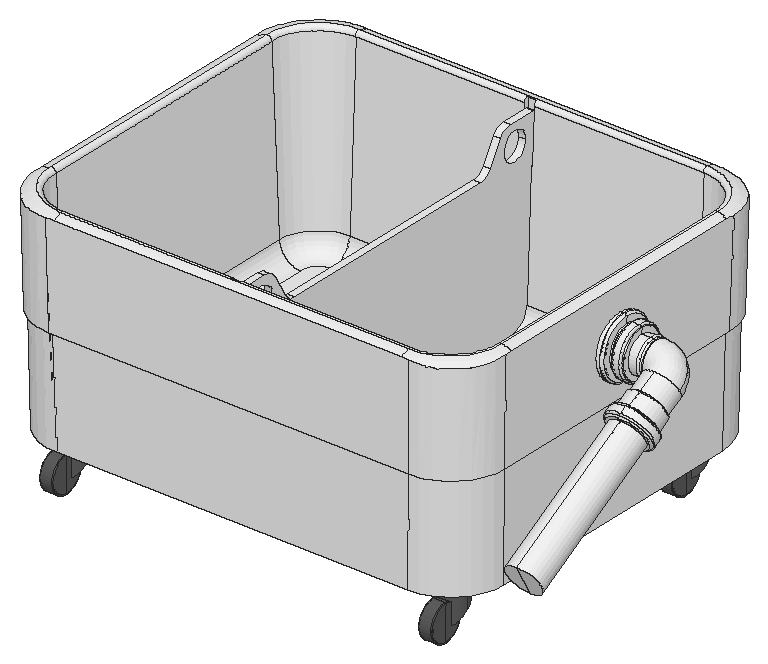
Revit family "PRD_FrankeWS_JntrlSnks_SludgeTrap_SIRW759", category Plumbing Fixtures, Revit 2018
Family settings
  Round Connector Dimension = Use Diameter
  Part Type = Normal
  OmniClass Number = 23.45.05.14.99
  OmniClass Title = Other Sanitary Washing Plumbing Fixtures
  Work Plane-Based = Yes
  Always vertical = Yes
  Cut with Voids When Loaded = No
  Shared = No
  Room Calculation Point = No
Parameters (values of type "SIRW759")
  WarrantyStartDate [instance] = "1900-12-31T23:59:59"
  WarrantyGuarantorParts = "n/a"
  WarrantyGuarantorLabor = "n/a"
  WarrantyDurationUnit = "year"
  WarrantyDurationParts = "n/a"
  WarrantyDurationLabor = "n/a"
  WarrantyDescription = "n/a"
  Version = "1"
  Uniclass2015Version = "Products v1.17"
  Uniclass2015Title = "Janitorial sinks"
  Uniclass2015Code = "Pr_40_20_96_44"
  URL = "www.kwc.com"
  TypeOfUtilitySink = "Multi purpose sink"
  TypeOfMounting = "No mounting"
  TapLedge = "No"
  TagNumber [instance] = "n/a"
  SustainabilityPerformance = "n/a"
  Sump = "Yes"
  Size = "660 x 300/370 x 550 mm (W x H x D)"
  SinkType = "OTHER"
  Shape = "n/a"
  SerialNumber [instance] = "n/a"
  Revision = "n/a"
  ReplacementCost = "n/a"
  RearUpstand = "No"
  ProductInformation = "https://pim.kwc.com/product/2000102726/attachment/datasheet?locale=en"
  ProductCode = "207.0638.383"
  Overflow = "Yes"
  OutletPipeRotation [instance] = 30.00°
  NominalWidth = 660 mm
  NominalHeight = 370 mm
  NominalDepth = 550 mm
  NetWeight = 40.80 kg
  Name = "Sludge trap SIRW759"
  NBSTypeID = "n/a"
  NBSReference = "45-35-70/401"
  NBSOfficeMasterTag = "n/a"
  NBSNote = "n/a"
  NBSDescription = "Janitorial units"
  NBSCertification = "n/a"
  MountingOffset = 0 mm
  Mounting = "OTHER"
  ModelReference = "SIRW759"
  ModelNumber = "2000102726"
  Model = ModelReference  # "SIRW759"
  MaterialCodeGrid = "Miranit"
  MaterialCode = "Miranit"
  Material = "Mineral material"
  ManufacturerURL = "www.kwc.com"
  ManufacturerName = "KWC Group AG"  # constant formula
  Manufacturer = ManufacturerName  # "KWC Group AG"
  IntegralAccessories = "PVC pipe and pipe elbows including mounting material"
  InstallationDate [instance] = "1900-12-31T23:59:59"
  IfcExportType = "SINK"
  IfcExportAs = "IfcSanitaryTerminalType"
  GrossWeight = 43.00 kg
  Grid = "No"
  Grade = "n/a"
  Finish = "High polished"
  Features = "MIRANIT resin-bonded mineral material, alpine white colour"
  ExpectedLife = "n/a"
  DurationUnit = "year"
  DrainerOrStorage = "No"
  DrainSize = 50 mm
  DiameterNominal = 50.0 mm
  Description = "Sludge collecting basin made of MIRANIT resin-bonded mineral material with pore-free smooth surface (temperature-resistant up to 80°C). Large inner radii. Alpine white colour. Version with 2-chamber system with removable divider made of plastic material, overflow for a controlled outflow into a customer-provided floor drain. On lockable rolls. DN 50 overflow with PVC pipe elbow on the side. PVC pipe and pipe elbows including mounting material."
  Default Elevation = 1219.2 mm
  CreatedOn = "08/2021"  # constant formula
  Constituents = "n/a"
  Color = "alpine white"
  CodePerformance = "n/a"
  Category = "Pr_40_20_96_44, Janitorial sinks"
  BowlWidth = "620.00 mm"
  BowlHeight = "280.00 mm"
  BowlDepth = "510.00 mm"
  BodyMaterial = PRD_AR_MineralMaterial_Alpinewhite
  BarCode [instance] = "n/a"
  BIMObjectName = "PRD_AR_JanitorialSinks_SludgeTrap_SIRW759"
  Author = "Archispace"  # constant formula
  AssetType = "Fixed"
  AssetIdentifier [instance] = "n/a"
  AccessibilityPerformance = "n/a"
Reference planes
  plane 1 "Center (Front/Back)": y = 0
  plane 2: z = 0
  plane 3 "Center (Left/Right)": x = 0
Dimensions and locks
  aligned and locked: level to plane 2
Nested families
  nested 1: "SludgeTrap" at (0, 0, 0), type "SludgeTrap"
    with OutletPipeRotation 30.00°
Connectors
  piping at (407.57, -264.659, 137.331), diameter 50, driven by "DrainSize"
    settings: on nested 1, index 1, connector inside diameter 609.6 mm, connector length 0 mm, flow factor 0, pipe flow 0.0 L/s, pressure drop 0.0 Pa, fitting loss kfactor 0, connector angle 0.00°, fixture units 0, engagement length 0 mm, angle of deflection 0.00°, flow configuration 1, flow direction 2, fitting loss method 0, system type 8, joint type 0, gender type 0, connector reference index -1, connector utility 0, adjustable connector no, is connector primary yes, connector description ""
Definition of nested family "SludgeTrap"
  Parameters (values of type "SludgeTrap")
    WheelsMaterial = none
    SteelMaterial = none
    SludgeTrapMaterial = none
    PipeMaterial = none
    OutletPipeRotation = 20.00°
  Reference planes
    plane 1 "Center (Front/Back)": y = 0
    plane 2: z = 0
    plane 3 "Center (Left/Right)": x = 0
    plane 4: z = 70
    plane 5: z = 369.982
    plane 6: x = -330
    plane 7: x = 330
    plane 8: y = 275
    plane 9: y = -275
    plane 10: z = 220.376
    plane 11: z = 290.132
    plane 12: x = 381.57
  Forms (mm)
    SweptBlend 1, solid, material <- "SludgeTrapMaterial", detail levels fine
      path origin (0, 0, 0) x (1, 0, 0) y (0, 0, 1)
        loop
          line (0, 70) -> (0, 220.376)
      profile origin (0, 0, 70) x (-1, 0, 0) y (0, -1, 0)
        loop
          arc (321.763, 191.763) -> (299.796, 244.796) -> (246.763, 266.763) r 75
          line (246.763, 266.763) -> (-246.763, 266.763)
          arc (-246.763, 266.763) -> (-299.796, 244.796) -> (-321.763, 191.763) r 75
          line (-321.763, 191.763) -> (-321.763, -191.763)
          arc (-321.763, -191.763) -> (-299.796, -244.796) -> (-246.763, -266.763) r 75
          line (-246.763, -266.763) -> (246.763, -266.763)
          arc (246.763, -266.763) -> (299.796, -244.796) -> (321.763, -191.763) r 75
          line (321.763, -191.763) -> (321.763, 191.763)
      end profile origin (0, 0, 220.376) x (-1, 0, 0) y (0, -1, 0)
        loop
          arc (324.363, 194.363) -> (302.396, 247.396) -> (249.363, 269.363) r 75
          line (249.363, 269.363) -> (-249.363, 269.363)
          arc (-249.363, 269.363) -> (-302.396, 247.396) -> (-324.363, 194.363) r 75
          line (-324.363, 194.363) -> (-324.363, -194.363)
          arc (-324.363, -194.363) -> (-302.396, -247.396) -> (-249.363, -269.363) r 75
          line (-249.363, -269.363) -> (249.363, -269.363)
          arc (249.363, -269.363) -> (302.396, -247.396) -> (324.363, -194.363) r 75
          line (324.363, -194.363) -> (324.363, 194.363)
    SweptBlend 2, solid, material <- "SludgeTrapMaterial", detail levels fine
      path origin (0, 0, 0) x (1, 0, 0) y (0, 0, 1)
        loop
          line (0, 220.376) -> (0, 369.982)
      profile origin (0, 0, 220.376) x (-1, 0, 0) y (0, -1, 0)
        loop
          arc (327.463, 197.463) -> (305.496, 250.496) -> (252.463, 272.463) r 75
          line (252.463, 272.463) -> (-252.463, 272.463)
          arc (-252.463, 272.463) -> (-305.496, 250.496) -> (-327.463, 197.463) r 75
          line (-327.463, 197.463) -> (-327.463, -197.463)
          arc (-327.463, -197.463) -> (-305.496, -250.496) -> (-252.463, -272.463) r 75
          line (-252.463, -272.463) -> (252.463, -272.463)
          arc (252.463, -272.463) -> (305.496, -250.496) -> (327.463, -197.463) r 75
          line (327.463, -197.463) -> (327.463, 197.463)
      end profile origin (0, 0, 369.982) x (-1, 0, 0) y (0, -1, 0)
        loop
          arc (329.963, 199.963) -> (307.996, 252.996) -> (254.963, 274.963) r 75
          line (254.963, 274.963) -> (-254.963, 274.963)
          arc (-254.963, 274.963) -> (-307.996, 252.996) -> (-329.963, 199.963) r 75
          line (-329.963, 199.963) -> (-329.963, -199.963)
          arc (-329.963, -199.963) -> (-307.996, -252.996) -> (-254.963, -274.963) r 75
          line (-254.963, -274.963) -> (254.963, -274.963)
          arc (254.963, -274.963) -> (307.996, -252.996) -> (329.963, -199.963) r 75
          line (329.963, -199.963) -> (329.963, 199.963)
    Sweep 3, void
      path origin (0, 0, 0) x (1, 0, 0) y (0, 1, 0)
        loop
          line (-299.028, 189.028) -> (-299.028, -189.028)
          arc (-299.028, -189.028) -> (-282.919, -227.919) -> (-244.028, -244.028) r 55
          line (-244.028, -244.028) -> (244.028, -244.028)
          arc (244.028, -244.028) -> (282.919, -227.919) -> (299.028, -189.028) r 55
          line (299.028, -189.028) -> (299.028, 189.028)
          arc (299.028, 189.028) -> (282.919, 227.919) -> (244.028, 244.028) r 55
          line (244.028, 244.028) -> (-244.028, 244.028)
          arc (-244.028, 244.028) -> (-282.919, 227.919) -> (-299.028, 189.028) r 55
      profile origin (-299.028, 0, 0) x (1, 0, 0) y (0, 0, 1)
        loop
          arc (-47.91, 351.912) -> (-34.443, 363.542) -> (-17.757, 369.72) r 50
          arc (-17.757, 369.72) -> (-12.955, 368.494) -> (-10.714, 364.074) r 6
          line (-10.714, 364.074) -> (0, 118.691)
          arc (0, 118.691) -> (9.226, 98.329) -> (29.971, 90) r 30
          line (29.971, 90) -> (29.971, 390) -> (-47.91, 390) -> (-47.91, 351.912)
    Extrusion 4, void
      sketch origin (0, 0, 0) x (1, 0, 0) y (0, 1, 0)
        loop
          arc (-269.056, -189.056) -> (-261.734, -206.734) -> (-244.056, -214.056) r 25
          line (-244.056, -214.056) -> (244.056, -214.056)
          arc (244.056, -214.056) -> (261.734, -206.734) -> (269.056, -189.056) r 25
          line (269.056, -189.056) -> (269.056, 189.056)
          arc (269.056, 189.056) -> (261.734, 206.734) -> (244.056, 214.056) r 25
          line (244.056, 214.056) -> (-244.056, 214.056)
          arc (-244.056, 214.056) -> (-261.734, 206.734) -> (-269.056, 189.056) r 25
          line (-269.056, 189.056) -> (-269.056, -189.056)
      from 220.376 to 369.925
    Extrusion 5, void
      sketch origin (0, 0, 0) x (1, 0, 0) y (0, 1, 0)
        loop
          line (-269.056, 189.056) -> (-269.056, -189.056)
          arc (-269.056, -189.056) -> (-261.734, -206.734) -> (-244.056, -214.056) r 25
          line (-244.056, -214.056) -> (244.056, -214.056)
          arc (244.056, -214.056) -> (261.734, -206.734) -> (269.056, -189.056) r 25
          line (269.056, -189.056) -> (269.056, 189.056)
          arc (269.056, 189.056) -> (261.734, 206.734) -> (244.056, 214.056) r 25
          line (244.056, 214.056) -> (-244.056, 214.056)
          arc (-244.056, 214.056) -> (-261.734, 206.734) -> (-269.056, 189.056) r 25
      from 90 to 220.376
    Revolve 6, solid, material <- "SludgeTrapMaterial", detail levels fine
      sketch origin (0, 0, 0) x (1, 0, 0) y (0, 0, 1)
        loop
          line (-49.351, 90) -> (0, 90) -> (0, 97.081)
          arc (0, 97.081) -> (-24.934, 95.338) -> (-49.351, 90) r 172.026
        axis (0, 97.081) -> (0, 90)
      angle from 0 to 360
    Extrusion 7, solid, material <- "SludgeTrapMaterial", detail levels fine
      sketch origin (0, 0, 0) x (0, 1, 0) y (0, 0, 1)
        loop
          arc (250.6, 289.345) -> (251.342, 291.983) -> (253.179, 294.017) r 6
          arc (253.179, 294.017) -> (255.016, 296.05) -> (255.758, 298.688) r 6
          line (255.758, 298.688) -> (258.257, 355.913)
          arc (258.257, 355.913) -> (257.703, 357.383) -> (256.258, 358) r 2
          line (256.258, 358) -> (215.145, 358)
          arc (215.145, 358) -> (205.145, 355.321) -> (197.824, 348) r 20
          line (197.824, 348) -> (180.504, 318)
          arc (180.504, 318) -> (173.183, 310.679) -> (163.183, 308) r 20
          line (163.183, 308) -> (-163.183, 308)
          arc (-163.183, 308) -> (-173.183, 310.679) -> (-180.504, 318) r 20
          line (-180.504, 318) -> (-197.824, 348)
          arc (-197.824, 348) -> (-205.145, 355.321) -> (-215.145, 358) r 20
          line (-215.145, 358) -> (-256.258, 358)
          arc (-256.258, 358) -> (-257.703, 357.383) -> (-258.257, 355.913) r 2
          line (-258.257, 355.913) -> (-255.758, 298.688)
          arc (-255.758, 298.688) -> (-255.016, 296.05) -> (-253.179, 294.017) r 6
          arc (-253.179, 294.017) -> (-251.342, 291.983) -> (-250.6, 289.345) r 6
          line (-250.6, 289.345) -> (-243.28, 121.691)
          arc (-243.28, 121.691) -> (-234.054, 101.329) -> (-213.309, 93) r 30
          line (-213.309, 93) -> (213.309, 93)
          arc (213.309, 93) -> (234.054, 101.329) -> (243.28, 121.691) r 30
          line (243.28, 121.691) -> (250.6, 289.345)
        loop
          circle (-222.5, 328) r 20
        loop
          circle (222.5, 328) r 20
      from -5 to 5
    Extrusion 8, void
      sketch origin (0, 0, 0) x (1, 0, 0) y (0, 1, 0)
        loop
          line (-7, 260.176) -> (-7, 250.6) -> (7, 250.6) -> (7, 260.176) -> (-7, 260.176)
        loop
          line (-7, -260.176) -> (7, -260.176) -> (7, -250.6) -> (-7, -250.6) -> (-7, -260.176)
      from 289.24 to 389.758
    Extrusion 9, solid, material <- "SteelMaterial", detail levels fine
      sketch origin (0, 0, 0) x (1, 0, 0) y (0, 1, 0)
        loop
          line (-296, 237) -> (-296, 185)
          arc (-296, 185) -> (-294.828, 182.172) -> (-292, 181) r 4
          line (-292, 181) -> (-240, 181)
          arc (-240, 181) -> (-237.172, 182.172) -> (-236, 185) r 4
          line (-236, 185) -> (-236, 237)
          arc (-236, 237) -> (-237.172, 239.828) -> (-240, 241) r 4
          line (-240, 241) -> (-292, 241)
          arc (-292, 241) -> (-294.828, 239.828) -> (-296, 237) r 4
        loop
          arc (296, 237) -> (294.828, 239.828) -> (292, 241) r 4
          line (292, 241) -> (240, 241)
          arc (240, 241) -> (237.172, 239.828) -> (236, 237) r 4
          line (236, 237) -> (236, 185)
          arc (236, 185) -> (237.172, 182.172) -> (240, 181) r 4
          line (240, 181) -> (292, 181)
          arc (292, 181) -> (294.828, 182.172) -> (296, 185) r 4
          line (296, 185) -> (296, 237)
        loop
          arc (-296, -237) -> (-294.828, -239.828) -> (-292, -241) r 4
          line (-292, -241) -> (-240, -241)
          arc (-240, -241) -> (-237.172, -239.828) -> (-236, -237) r 4
          line (-236, -237) -> (-236, -185)
          arc (-236, -185) -> (-237.172, -182.172) -> (-240, -181) r 4
          line (-240, -181) -> (-292, -181)
          arc (-292, -181) -> (-294.828, -182.172) -> (-296, -185) r 4
          line (-296, -185) -> (-296, -237)
        loop
          line (296, -237) -> (296, -185)
          arc (296, -185) -> (294.828, -182.172) -> (292, -181) r 4
          line (292, -181) -> (240, -181)
          arc (240, -181) -> (237.172, -182.172) -> (236, -185) r 4
          line (236, -185) -> (236, -237)
          arc (236, -237) -> (237.172, -239.828) -> (240, -241) r 4
          line (240, -241) -> (292, -241)
          arc (292, -241) -> (294.828, -239.828) -> (296, -237) r 4
      from 68 to 70
    Extrusion 10, solid, material <- "SteelMaterial", detail levels fine
      sketch origin (0, 0, 0) x (1, 0, 0) y (0, 1, 0)
        loop
          circle (-266, 211) r 21.5
        loop
          circle (266, 211) r 21.5
        loop
          circle (-266, -211) r 21.5
        loop
          circle (266, -211) r 21.5
      from 56.9 to 68
    Revolve 11, solid, material <- "WheelsMaterial", detail levels fine
      sketch origin (0, 186, 0) x (1, 0, 0) y (0, 0, 1)
        loop
          line (-256.75, 25) -> (-256.75, 49)
          arc (-256.75, 49) -> (-257.043, 49.707) -> (-257.75, 50) r 1
          line (-257.75, 50) -> (-274.25, 50)
          arc (-274.25, 50) -> (-274.957, 49.707) -> (-275.25, 49) r 1
          line (-275.25, 49) -> (-275.25, 25) -> (-256.75, 25)
        axis (-275.25, 25) -> (-256.75, 25)
      angle from 0 to 360
    Revolve 12, solid, material <- "WheelsMaterial", detail levels fine
      sketch origin (0, -236, 0) x (1, 0, 0) y (0, 0, 1)
        loop
          line (-256.75, 25) -> (-256.75, 49)
          arc (-256.75, 49) -> (-257.043, 49.707) -> (-257.75, 50) r 1
          line (-257.75, 50) -> (-274.25, 50)
          arc (-274.25, 50) -> (-274.957, 49.707) -> (-275.25, 49) r 1
          line (-275.25, 49) -> (-275.25, 25) -> (-256.75, 25)
        axis (-275.25, 25) -> (-256.75, 25)
      angle from 0 to 360
    Revolve 13, solid, material <- "WheelsMaterial", detail levels fine
      sketch origin (0, 186, 0) x (-1, 0, 0) y (0, 0, -1)
        loop
          line (-256.75, -25) -> (-275.25, -25) -> (-275.25, -49)
          arc (-275.25, -49) -> (-274.957, -49.707) -> (-274.25, -50) r 1
          line (-274.25, -50) -> (-257.75, -50)
          arc (-257.75, -50) -> (-257.043, -49.707) -> (-256.75, -49) r 1
          line (-256.75, -49) -> (-256.75, -25)
        axis (-275.25, -25) -> (-256.75, -25)
      angle from 0 to 360
    Revolve 14, solid, material <- "WheelsMaterial", detail levels fine
      sketch origin (0, -236, 0) x (-1, 0, 0) y (0, 0, -1)
        loop
          line (-256.75, -25) -> (-275.25, -25) -> (-275.25, -49)
          arc (-275.25, -49) -> (-274.957, -49.707) -> (-274.25, -50) r 1
          line (-274.25, -50) -> (-257.75, -50)
          arc (-257.75, -50) -> (-257.043, -49.707) -> (-256.75, -49) r 1
          line (-256.75, -49) -> (-256.75, -25)
        axis (-275.25, -25) -> (-256.75, -25)
      angle from 0 to 360
    Extrusion 15, solid, material <- "WheelsMaterial", detail levels fine
      sketch origin (0, 0, 0) x (1, 0, 0) y (0, 1, 0)
        loop
          circle (-266, 211) r 19.55
        loop
          circle (266, 211) r 19.55
        loop
          circle (-266, -211) r 19.55
        loop
          circle (266, -211) r 19.55
      from 19 to 56.9
    Extrusion 16, void
      sketch origin (0, 0, 0) x (0, 1, 0) y (0, 0, 1)
        loop
          line (-188.113, 59.245) -> (-231.569, 14.245) -> (-188.113, 14.245) -> (-188.113, 59.245)
        loop
          line (233.887, 59.245) -> (190.431, 14.245) -> (233.887, 14.245) -> (233.887, 59.245)
      from -309.79 to 307.819
    Revolve 17, void
      sketch origin (0, 0, 0) x (1, 0, 0) y (0, 0, 1)
        loop
          line (333.991, 289.862) -> (333.991, 319.862) -> (298.47, 319.862) -> (298.47, 289.862) -> (333.991, 289.862)
        axis (333.991, 289.862) -> (298.47, 289.862)
      angle from 0 to 360
    Revolve 18, solid, material <- "SteelMaterial", detail levels fine
      sketch origin (0, 0, 0) x (1, 0, 0) y (0, 0, 1)
        loop
          line (308.245, 329.813) -> (306.247, 329.901) -> (304.744, 295.474)
          arc (304.744, 295.474) -> (303.9, 292.833) -> (303.535, 290.084) r 15.676
          line (303.535, 290.084) -> (306.505, 289.954) -> (308.245, 329.813)
        axis (306.505, 289.954) -> (303.535, 290.084)
      angle from 0 to 360
    Extrusion 19, void
      sketch origin (304.507, 0, 290.041) x (0.043619, 0, 0.999048) y (0, 1, 0)
        loop
          circle (15.108, 0) r 6
        loop
          circle (-15.108, 0) r 6
        loop
          circle (7.331, 13.47) r 6
        loop
          circle (-7.777, -12.697) r 6
        loop
          circle (-8, 13.084) r 6
        loop
          circle (7.108, -13.084) r 6
        loop
          circle (25.26, -14.584) r 6
        loop
          circle (14.584, -25.26) r 6
        loop
          circle (0, -29.168) r 6
        loop
          circle (-14.584, -25.26) r 6
        loop
          circle (-25.26, -14.584) r 6
        loop
          circle (-29.168, 0) r 6
        loop
          circle (-25.26, 14.584) r 6
        loop
          circle (-14.584, 25.26) r 6
        loop
          circle (0, 29.168) r 6
        loop
          circle (14.584, 25.26) r 6
        loop
          circle (25.26, 14.584) r 6
        loop
          circle (29.168, 0) r 6
      from -4.983 to 3.353
    Revolve 20, solid, material <- "SludgeTrapMaterial", detail levels fine
      sketch origin (4.077, 0, -5.244) x (0.999848, 0, 0.017452) y (-0.017452, 0, 0.999848)
        loop
          line (382.59, 288.743) -> (383.026, 313.739) -> (379.027, 313.809) -> (376.591, 315.329) -> (376.027, 313.861) -> (363.029, 314.088) -> (363.16, 321.587)
          arc (363.16, 321.587) -> (362.88, 322.299) -> (362.178, 322.604) r 1
          line (362.178, 322.604) -> (361.178, 322.604)
          arc (361.178, 322.604) -> (360.623, 324.04) -> (359.213, 324.656) r 2
          line (359.213, 324.656) -> (350.214, 324.813)
          arc (350.214, 324.813) -> (348.802, 324.264) -> (348.181, 322.881) r 2
          arc (348.181, 322.881) -> (347.468, 322.567) -> (347.162, 321.852) r 1.06
          line (347.162, 321.852) -> (347.092, 319.367) -> (343.405, 319.431) -> (342.142, 320.739) -> (342.292, 329.339) -> (338.844, 332.337) -> (337.847, 332.53) -> (337.847, 329.838)
          arc (337.847, 329.838) -> (333.115, 331.437) -> (329.817, 327.686) r 4.504
          line (329.817, 327.686) -> (329.153, 289.676) -> (382.59, 288.743)
        axis (329.153, 289.676) -> (382.59, 288.743)
      angle from 0 to 360
    Revolve 21, solid, material <- "SludgeTrapMaterial", detail levels coarse+medium
      sketch origin (4.077, 0, -5.244) x (0.999848, 0, 0.017452) y (-0.017452, 0, 0.999848)
        loop
          line (382.59, 288.743) -> (383.34, 331.736) -> (329.904, 332.669) -> (329.153, 289.676) -> (382.59, 288.743)
        axis (329.153, 289.676) -> (382.59, 288.743)
      angle from 0 to 360
    SweptBlend 22, solid, material <- "SludgeTrapMaterial", detail levels medium
      path origin (0, 0, 0) x (1, 0, 0) y (0, 0, 1)
        loop
          line (0, 70) -> (0, 220.376)
      profile origin (0, 0, 70) x (-1, 0, 0) y (0, -1, 0)
        loop
          arc (321.763, 191.763) -> (299.796, 244.796) -> (246.763, 266.763) r 75
          line (246.763, 266.763) -> (-246.763, 266.763)
          arc (-246.763, 266.763) -> (-299.796, 244.796) -> (-321.763, 191.763) r 75
          line (-321.763, 191.763) -> (-321.763, -191.763)
          arc (-321.763, -191.763) -> (-299.796, -244.796) -> (-246.763, -266.763) r 75
          line (-246.763, -266.763) -> (246.763, -266.763)
          arc (246.763, -266.763) -> (299.796, -244.796) -> (321.763, -191.763) r 75
          line (321.763, -191.763) -> (321.763, 191.763)
      end profile origin (0, 0, 220.376) x (-1, 0, 0) y (0, -1, 0)
        loop
          arc (324.363, 194.363) -> (302.396, 247.396) -> (249.363, 269.363) r 75
          line (249.363, 269.363) -> (-249.363, 269.363)
          arc (-249.363, 269.363) -> (-302.396, 247.396) -> (-324.363, 194.363) r 75
          line (-324.363, 194.363) -> (-324.363, -194.363)
          arc (-324.363, -194.363) -> (-302.396, -247.396) -> (-249.363, -269.363) r 75
          line (-249.363, -269.363) -> (249.363, -269.363)
          arc (249.363, -269.363) -> (302.396, -247.396) -> (324.363, -194.363) r 75
          line (324.363, -194.363) -> (324.363, 194.363)
    SweptBlend 23, solid, material <- "SludgeTrapMaterial", detail levels medium
      path origin (0, 0, 0) x (1, 0, 0) y (0, 0, 1)
        loop
          line (0, 220.376) -> (0, 369.982)
      profile origin (0, 0, 220.376) x (-1, 0, 0) y (0, -1, 0)
        loop
          arc (327.463, 197.463) -> (305.496, 250.496) -> (252.463, 272.463) r 75
          line (252.463, 272.463) -> (-252.463, 272.463)
          arc (-252.463, 272.463) -> (-305.496, 250.496) -> (-327.463, 197.463) r 75
          line (-327.463, 197.463) -> (-327.463, -197.463)
          arc (-327.463, -197.463) -> (-305.496, -250.496) -> (-252.463, -272.463) r 75
          line (-252.463, -272.463) -> (252.463, -272.463)
          arc (252.463, -272.463) -> (305.496, -250.496) -> (327.463, -197.463) r 75
          line (327.463, -197.463) -> (327.463, 197.463)
      end profile origin (0, 0, 369.982) x (-1, 0, 0) y (0, -1, 0)
        loop
          arc (329.963, 199.963) -> (307.996, 252.996) -> (254.963, 274.963) r 75
          line (254.963, 274.963) -> (-254.963, 274.963)
          arc (-254.963, 274.963) -> (-307.996, 252.996) -> (-329.963, 199.963) r 75
          line (-329.963, 199.963) -> (-329.963, -199.963)
          arc (-329.963, -199.963) -> (-307.996, -252.996) -> (-254.963, -274.963) r 75
          line (-254.963, -274.963) -> (254.963, -274.963)
          arc (254.963, -274.963) -> (307.996, -252.996) -> (329.963, -199.963) r 75
          line (329.963, -199.963) -> (329.963, 199.963)
    Extrusion 24, solid, material <- "WheelsMaterial", detail levels medium
      sketch origin (0, 0, 0) x (1, 0, 0) y (0, 1, 0)
        loop
          line (-287.5, 232.5) -> (-287.5, 161) -> (-244.5, 161) -> (-244.5, 232.5) -> (-287.5, 232.5)
        loop
          line (287.5, 232.5) -> (244.5, 232.5) -> (244.5, 161) -> (287.5, 161) -> (287.5, 232.5)
        loop
          line (-287.5, -261) -> (-244.5, -261) -> (-244.5, -189.5) -> (-287.5, -189.5) -> (-287.5, -261)
        loop
          line (287.5, -261) -> (287.5, -189.5) -> (244.5, -189.5) -> (244.5, -261) -> (287.5, -261)
      from 0 to 70
    Extrusion 25, solid, material <- "SludgeTrapMaterial", detail levels coarse
      sketch origin (0, 0, 0) x (1, 0, 0) y (0, 1, 0)
        loop
          line (-330, 275) -> (-330, -275) -> (330, -275) -> (330, 275) -> (-330, 275)
      from 0 to 369.982
  Cuts and joins
    Sweep 3, Extrusion 5 cuts SweptBlend 1
    Sweep 3, Extrusion 4, Extrusion 8, Revolve 17 cuts SweptBlend 2
    joined: SweptBlend 1, SweptBlend 2
    Extrusion 16 cuts Extrusion 15
    joined: Revolve 11, Revolve 12, Revolve 13, Revolve 14, Extrusion 15
    Extrusion 19 cuts Revolve 18
  Lines and regions (mm)
    reference lines
      curve 1: line (382.59, 0, 290.132) -> (382.59, -164.446, 230.279)
  Dimensions and locks
    "OutletPipeRotation": angle plane 11 to curve 1
    aligned and locked: level to plane 2
    aligned and locked: nested 1 to plane 12
  Automatic sketch dimensions
    SweptBlend 1 sketch curve to plane 3 "Center (Left/Right)" = 0 mm
    SweptBlend 1 sketch curve to plane 4 = 0 mm
    SweptBlend 1 sketch curve to plane 10 = 0 mm
    profile plane to SweptBlend 1 sketch curve = 321.763 mm
    SweptBlend 1 sketch curve to SweptBlend 1 sketch curve = 75 mm  (x6)
    SweptBlend 1 sketch curve to profile plane = 246.763 mm  (x2)
    SweptBlend 1 sketch curve to plane 1 "Center (Front/Back)" = 266.763 mm
    plane 1 "Center (Front/Back)" to SweptBlend 1 sketch curve = 191.763 mm
    profile plane to SweptBlend 1 sketch curve = 324.363 mm
    SweptBlend 1 sketch curve to profile plane = 249.363 mm  (x2)
    SweptBlend 1 sketch curve to plane 1 "Center (Front/Back)" = 269.363 mm
    plane 1 "Center (Front/Back)" to SweptBlend 1 sketch curve = 194.363 mm
    SweptBlend 2 sketch curve to plane 3 "Center (Left/Right)" = 0 mm
    SweptBlend 2 sketch curve to plane 10 = 0 mm
    SweptBlend 2 sketch curve to plane 5 = 0 mm
    profile plane to SweptBlend 2 sketch curve = 327.463 mm
    SweptBlend 2 sketch curve to SweptBlend 2 sketch curve = 75 mm  (x6)
    SweptBlend 2 sketch curve to profile plane = 252.463 mm  (x2)
    SweptBlend 2 sketch curve to plane 1 "Center (Front/Back)" = 272.463 mm
    plane 1 "Center (Front/Back)" to SweptBlend 2 sketch curve = 197.463 mm
    profile plane to SweptBlend 2 sketch curve = 329.963 mm
    SweptBlend 2 sketch curve to profile plane = 254.963 mm  (x2)
    SweptBlend 2 sketch curve to plane 1 "Center (Front/Back)" = 274.963 mm
    plane 1 "Center (Front/Back)" to SweptBlend 2 sketch curve = 199.963 mm
    plane 6 to Sweep 3 sketch curve = 30.972 mm
    plane 9 to Sweep 3 sketch curve = 30.972 mm
    Sweep 3 sketch curve to Sweep 3 sketch curve = 55 mm  (x2)
    Sweep 3 sketch curve to plane 8 = 30.972 mm
    Sweep 3 sketch curve to plane 7 = 85.972 mm  (x2)
    Sweep 3 sketch curve to plane 7 = 30.972 mm
    profile plane to Sweep 3 sketch curve = 0 mm
    profile plane to Sweep 3 sketch curve = 9.017 mm
    profile plane to Sweep 3 sketch curve = 10.714 mm
    Sweep 3 sketch curve to Sweep 3 sketch curve = 5.994 mm
    Sweep 3 sketch curve to Sweep 3 sketch curve = 31.202 mm
    Sweep 3 sketch curve to profile plane = 29.971 mm
    level to Sweep 3 sketch curve = 90 mm
    Sweep 3 sketch curve to Sweep 3 sketch curve = 28.691 mm
    Sweep 3 sketch curve to Sweep 3 sketch curve = 201.798 mm
    Sweep 3 sketch curve to Sweep 3 sketch curve = 31.422 mm
    Sweep 3 sketch curve to Sweep 3 sketch curve = 11.901 mm
    Sweep 3 sketch curve to Sweep 3 sketch curve = 0.262 mm
    Sweep 3 sketch curve to Sweep 3 sketch curve = 20.28 mm
    plane 6 to Extrusion 4 sketch curve = 60.944 mm
    Extrusion 4 sketch curve to Extrusion 4 sketch curve = 25 mm  (x3)
    Extrusion 4 sketch curve to plane 7 = 85.944 mm  (x2)
    plane 9 to Extrusion 4 sketch curve = 60.944 mm
    Extrusion 4 sketch curve to plane 8 = 85.944 mm
    plane 6 to Extrusion 5 sketch curve = 60.944 mm
    Extrusion 5 sketch curve to Extrusion 5 sketch curve = 25 mm  (x3)
    Extrusion 5 sketch curve to plane 7 = 85.944 mm  (x2)
    plane 9 to Extrusion 5 sketch curve = 60.944 mm
    Extrusion 5 sketch curve to plane 8 = 85.944 mm
    Revolve 6 sketch curve to plane 3 "Center (Left/Right)" = 0 mm  (x2)
    Revolve 6 sketch curve to plane 3 "Center (Left/Right)" = 0.5 mm
    plane 4 to Revolve 6 sketch curve = 20 mm
    Revolve 6 sketch curve to Revolve 6 sketch curve = 49.351 mm
    Revolve 6 sketch curve to level = 74.944 mm
    Revolve 6 sketch curve to Revolve 6 sketch curve = 7.919 mm
    Revolve 6 sketch curve to Revolve 6 sketch curve = 5 mm
    plane 9 to Extrusion 7 sketch curve = 16.743 mm
    Extrusion 7 sketch curve to plane 11 = 1.049 mm  (x2)
    plane 9 to Extrusion 7 sketch curve = 18.406 mm
    Extrusion 7 sketch curve to Extrusion 7 sketch curve = 1.998 mm  (x2)
    plane 11 to Extrusion 7 sketch curve = 8.556 mm  (x2)
    Extrusion 7 sketch curve to Extrusion 7 sketch curve = 0.836 mm  (x2)
    Extrusion 7 sketch curve to plane 11 = 0.787 mm  (x2)
    Extrusion 7 sketch curve to Extrusion 7 sketch curve = 5.994 mm  (x4)
    plane 9 to Extrusion 7 sketch curve = 31.72 mm
    Extrusion 7 sketch curve to Extrusion 7 sketch curve = 27.264 mm
    Extrusion 7 sketch curve to plane 5 = 11.982 mm
    Extrusion 7 sketch curve to Extrusion 7 sketch curve = 7.355 mm  (x2)
    Extrusion 7 sketch curve to Extrusion 7 sketch curve = 29.971 mm  (x2)
    Extrusion 7 sketch curve to plane 5 = 21.982 mm  (x2)
    Extrusion 7 sketch curve to Extrusion 7 sketch curve = 17.321 mm  (x6)
    plane 11 to Extrusion 7 sketch curve = 27.868 mm  (x2)
    plane 11 to Extrusion 7 sketch curve = 17.868 mm
    Extrusion 7 sketch curve to plane 8 = 111.817 mm
    Extrusion 7 sketch curve to plane 8 = 61.691 mm
    plane 11 to Extrusion 7 sketch curve = 8.818 mm
    Extrusion 7 sketch curve to plane 8 = 25.236 mm
    Extrusion 7 sketch curve to plane 8 = 18.742 mm
    plane 4 to Extrusion 7 sketch curve = 53 mm
    level to Extrusion 7 sketch curve = 123 mm
    Extrusion 7 sketch curve to Extrusion 7 sketch curve = 1.309 mm
    Extrusion 7 sketch curve to Extrusion 7 sketch curve = 0.262 mm
    Extrusion 7 sketch curve to Extrusion 7 sketch curve = 20 mm
    Extrusion 7 sketch curve to Extrusion 7 sketch curve = 10 mm  (x2)
    Extrusion 7 sketch curve to Extrusion 7 sketch curve = 2.087 mm  (x2)
    Extrusion 8 sketch curve to plane 3 "Center (Left/Right)" = 7 mm  (x2)
    plane 3 "Center (Left/Right)" to Extrusion 8 sketch curve = 7 mm  (x2)
    plane 9 to Extrusion 8 sketch curve = 14.824 mm
    Extrusion 8 sketch curve to Extrusion 8 sketch curve = 9.576 mm  (x2)
    Extrusion 8 sketch curve to plane 8 = 24.4 mm
    plane 6 to Extrusion 9 sketch curve = 34 mm  (x2)
    Extrusion 9 sketch curve to Extrusion 9 sketch curve = 4 mm  (x12)
    Extrusion 9 sketch curve to Extrusion 9 sketch curve = 52 mm  (x6)
    Extrusion 9 sketch curve to plane 7 = 94 mm  (x2)
    Extrusion 9 sketch curve to plane 7 = 38 mm  (x4)
    plane 9 to Extrusion 9 sketch curve = 34 mm  (x2)
    Extrusion 9 sketch curve to plane 8 = 94 mm  (x2)
    Extrusion 9 sketch curve to plane 8 = 38 mm  (x2)
    plane 6 to Extrusion 10 sketch curve = 64 mm  (x2)
    Extrusion 10 sketch curve to plane 7 = 64 mm  (x2)
    plane 9 to Extrusion 10 sketch curve = 64 mm  (x2)
    Extrusion 10 sketch curve to plane 8 = 64 mm  (x2)
    level to Revolve 11 sketch curve = 25 mm
    plane 6 to Revolve 11 sketch curve = 54.75 mm
    Revolve 11 sketch curve to Revolve 11 sketch curve = 1 mm  (x2)
    Revolve 11 sketch curve to Revolve 11 sketch curve = 16.5 mm
    Revolve 11 sketch curve to plane 4 = 21 mm
    Revolve 11 sketch curve to Revolve 11 sketch curve = 5 mm
    Revolve 11 sketch curve to Revolve 11 sketch curve = 21.5 mm
    Revolve 11 sketch curve to Revolve 11 sketch curve = 0 mm
    level to Revolve 12 sketch curve = 25 mm
    plane 6 to Revolve 12 sketch curve = 54.75 mm
    Revolve 12 sketch curve to Revolve 12 sketch curve = 1 mm  (x2)
    Revolve 12 sketch curve to Revolve 12 sketch curve = 16.5 mm
    Revolve 12 sketch curve to plane 4 = 21 mm
    Revolve 12 sketch curve to Revolve 12 sketch curve = 5 mm
    Revolve 12 sketch curve to Revolve 12 sketch curve = 21.5 mm
    Revolve 12 sketch curve to Revolve 12 sketch curve = 0 mm
    level to Revolve 13 sketch curve = 25 mm
    Revolve 13 sketch curve to plane 7 = 54.75 mm
    Revolve 13 sketch curve to Revolve 13 sketch curve = 1 mm  (x2)
    Revolve 13 sketch curve to Revolve 13 sketch curve = 16.5 mm
    Revolve 13 sketch curve to plane 4 = 21 mm
    Revolve 13 sketch curve to Revolve 13 sketch curve = 5 mm
    Revolve 13 sketch curve to Revolve 13 sketch curve = 21.5 mm
    Revolve 13 sketch curve to Revolve 13 sketch curve = 0 mm
    level to Revolve 14 sketch curve = 25 mm
    Revolve 14 sketch curve to plane 7 = 54.75 mm
    Revolve 14 sketch curve to Revolve 14 sketch curve = 1 mm  (x2)
    Revolve 14 sketch curve to Revolve 14 sketch curve = 16.5 mm
    Revolve 14 sketch curve to plane 4 = 21 mm
    Revolve 14 sketch curve to Revolve 14 sketch curve = 5 mm
    Revolve 14 sketch curve to Revolve 14 sketch curve = 21.5 mm
    Revolve 14 sketch curve to Revolve 14 sketch curve = 0 mm
    plane 6 to Extrusion 15 sketch curve = 64 mm  (x2)
    Extrusion 15 sketch curve to plane 7 = 64 mm  (x2)
    plane 9 to Extrusion 15 sketch curve = 64 mm  (x2)
    Extrusion 15 sketch curve to plane 8 = 64 mm  (x2)
    level to Extrusion 16 sketch curve = 14.245 mm  (x2)
    plane 9 to Extrusion 16 sketch curve = 43.431 mm
    Extrusion 16 sketch curve to Extrusion 16 sketch curve = 43.456 mm
    Extrusion 16 sketch curve to plane 8 = 84.569 mm
    Extrusion 16 sketch curve to plane 8 = 41.113 mm
    Extrusion 16 sketch curve to plane 4 = 10.755 mm  (x2)
    Revolve 17 sketch curve to plane 11 = 0.27 mm  (x2)
    Revolve 17 sketch curve to plane 7 = 31.53 mm
    plane 7 to Revolve 17 sketch curve = 3.991 mm
    plane 11 to Revolve 17 sketch curve = 29.73 mm
    Revolve 17 sketch curve to Revolve 17 sketch curve = 10 mm
    Revolve 17 sketch curve to Revolve 17 sketch curve = 5 mm
    Revolve 18 sketch curve to plane 11 = 0.048 mm
    Revolve 18 sketch curve to plane 7 = 26.465 mm
    plane 11 to Revolve 18 sketch curve = 5.342 mm
    Revolve 18 sketch curve to Revolve 18 sketch curve = 1.21 mm
    Revolve 18 sketch curve to plane 7 = 23.753 mm
    Revolve 18 sketch curve to plane 11 = 0.178 mm
    Revolve 18 sketch curve to Revolve 18 sketch curve = 2.97 mm
    Revolve 18 sketch curve to plane 11 = 0.732 mm
    Revolve 18 sketch curve to plane 11 = 0.013 mm
    Revolve 18 sketch curve to Revolve 18 sketch curve = 0.795 mm
    Revolve 18 sketch curve to plane 11 = 0.134 mm
    Revolve 18 sketch curve to Revolve 18 sketch curve = 0.999 mm
    Revolve 18 to Extrusion 19 sketch curve = 0 mm  (x4)
    Extrusion 19 sketch curve to Extrusion 19 sketch curve = 3.908 mm  (x4)
    Extrusion 19 sketch curve to Extrusion 19 sketch curve = 14.06 mm  (x2)
    Extrusion 19 sketch curve to Extrusion 19 sketch curve = 10.676 mm  (x4)
    Extrusion 19 sketch curve to Extrusion 19 sketch curve = 6.584 mm
    Extrusion 19 sketch curve to Extrusion 19 sketch curve = 6.807 mm
    Extrusion 19 sketch curve to Extrusion 19 sketch curve = 14.584 mm  (x2)
    Extrusion 19 sketch curve to Extrusion 19 sketch curve = 14.885 mm
    Extrusion 19 sketch curve to Extrusion 19 sketch curve = 15.331 mm
    Extrusion 19 sketch curve to Extrusion 19 sketch curve = 7.253 mm
    Extrusion 19 sketch curve to Extrusion 19 sketch curve = 7.476 mm
    Extrusion 19 sketch curve to Extrusion 19 sketch curve = 8 mm
    Revolve 18 to Extrusion 19 sketch curve = 12.697 mm
    Revolve 18 to Extrusion 19 sketch curve = 13.084 mm
    Revolve 18 to Extrusion 19 sketch curve = 14.584 mm  (x2)
    Extrusion 19 sketch curve to Extrusion 19 sketch curve = 12.563 mm
    Extrusion 19 sketch curve to Extrusion 19 sketch curve = 12.176 mm  (x2)
    Extrusion 19 sketch curve to Revolve 18 = 13.084 mm
    Extrusion 19 sketch curve to Revolve 18 = 13.47 mm
    Extrusion 19 sketch curve to Revolve 18 = 14.584 mm  (x2)
    Extrusion 19 sketch curve to Extrusion 19 sketch curve = 11.79 mm
    Revolve 20 sketch curve to plane 11 = 0 mm  (x4)
    Revolve 20 sketch curve to plane 12 = 0 mm
    Revolve 20 sketch curve to Revolve 20 sketch curve = 3.563 mm
    Revolve 20 sketch curve to Revolve 20 sketch curve = 2.436 mm
    Revolve 20 sketch curve to Revolve 20 sketch curve = 0.563 mm
    Revolve 20 sketch curve to Revolve 20 sketch curve = 13.431 mm
    Revolve 20 sketch curve to Revolve 20 sketch curve = 0.131 mm
    Revolve 20 sketch curve to Revolve 20 sketch curve = 0.982 mm
    Revolve 20 sketch curve to Revolve 20 sketch curve = 0.017 mm  (x2)
    Revolve 20 sketch curve to Revolve 20 sketch curve = 1 mm
    Revolve 20 sketch curve to Revolve 20 sketch curve = 1.964 mm
    Revolve 20 sketch curve to Revolve 20 sketch curve = 1.999 mm
    Revolve 20 sketch curve to Revolve 20 sketch curve = 8.999 mm
    Revolve 20 sketch curve to Revolve 20 sketch curve = 0.035 mm
    Revolve 20 sketch curve to Revolve 20 sketch curve = 1.957 mm
    Revolve 20 sketch curve to Revolve 20 sketch curve = 1.06 mm
    Revolve 20 sketch curve to Revolve 20 sketch curve = 0.07 mm
    Revolve 20 sketch curve to Revolve 20 sketch curve = 3.687 mm
    Revolve 20 sketch curve to Revolve 20 sketch curve = 4.87 mm
    Revolve 20 sketch curve to Revolve 20 sketch curve = 1.263 mm
    Revolve 20 sketch curve to Revolve 20 sketch curve = 3.448 mm
    Revolve 20 sketch curve to Revolve 20 sketch curve = 0.997 mm
    Revolve 20 sketch curve to Revolve 20 sketch curve = 3.566 mm
    Revolve 20 sketch curve to Revolve 20 sketch curve = 4.464 mm
    Revolve 20 sketch curve to Revolve 20 sketch curve = 14.252 mm
    Revolve 20 sketch curve to Revolve 20 sketch curve = 3.999 mm
    Revolve 20 sketch curve to Revolve 20 sketch curve = 0.052 mm  (x2)
    Revolve 20 sketch curve to Revolve 20 sketch curve = 0.227 mm
    Revolve 20 sketch curve to Revolve 20 sketch curve = 1.468 mm
    Revolve 20 sketch curve to Revolve 20 sketch curve = 2.22 mm
    Revolve 20 sketch curve to Revolve 20 sketch curve = 0.064 mm
    Revolve 20 sketch curve to Revolve 20 sketch curve = 1.308 mm
    Revolve 20 sketch curve to Revolve 20 sketch curve = 2.455 mm
    Revolve 20 sketch curve to Revolve 20 sketch curve = 0.03 mm
    Revolve 20 sketch curve to Revolve 20 sketch curve = 0.992 mm
    Revolve 20 sketch curve to Revolve 20 sketch curve = 2 mm
    Revolve 20 sketch curve to Revolve 20 sketch curve = 0.599 mm
    Revolve 20 sketch curve to Revolve 20 sketch curve = 0.498 mm
    Revolve 20 sketch curve to Revolve 20 sketch curve = 2.499 mm
    Revolve 20 sketch curve to Revolve 20 sketch curve = 0.194 mm
    Revolve 20 sketch curve to Revolve 20 sketch curve = 9.998 mm
    Revolve 20 sketch curve to Revolve 20 sketch curve = 14.998 mm
    Revolve 21 sketch curve to plane 11 = 0 mm  (x4)
    Revolve 21 sketch curve to plane 12 = 0 mm
    Revolve 21 sketch curve to Revolve 21 sketch curve = 52.686 mm
    Revolve 21 sketch curve to Revolve 21 sketch curve = 0.75 mm
    Revolve 21 sketch curve to Revolve 21 sketch curve = 9.998 mm
    Revolve 21 sketch curve to Revolve 21 sketch curve = 14.998 mm
    plane 4 to SweptBlend 22 sketch curve = 150.376 mm
    SweptBlend 22 sketch curve to plane 12 = 381.57 mm
    level to SweptBlend 22 sketch curve = 70 mm
    profile plane to SweptBlend 22 sketch curve = 321.763 mm
    SweptBlend 22 sketch curve to SweptBlend 22 sketch curve = 75 mm  (x6)
    SweptBlend 22 sketch curve to profile plane = 246.763 mm  (x2)
    SweptBlend 22 sketch curve to profile plane = 266.763 mm
    profile plane to SweptBlend 22 sketch curve = 191.763 mm
    profile plane to SweptBlend 22 sketch curve = 324.363 mm
    SweptBlend 22 sketch curve to profile plane = 249.363 mm  (x2)
    SweptBlend 22 sketch curve to profile plane = 269.363 mm
    profile plane to SweptBlend 22 sketch curve = 194.363 mm
    plane 11 to SweptBlend 23 sketch curve = 79.85 mm
    SweptBlend 23 sketch curve to plane 12 = 381.57 mm
    plane 4 to SweptBlend 23 sketch curve = 150.376 mm
    profile plane to SweptBlend 23 sketch curve = 327.463 mm
    SweptBlend 23 sketch curve to SweptBlend 23 sketch curve = 75 mm  (x6)
    SweptBlend 23 sketch curve to profile plane = 252.463 mm  (x2)
    SweptBlend 23 sketch curve to profile plane = 272.463 mm
    profile plane to SweptBlend 23 sketch curve = 197.463 mm
    profile plane to SweptBlend 23 sketch curve = 329.963 mm
    SweptBlend 23 sketch curve to profile plane = 254.963 mm  (x2)
    SweptBlend 23 sketch curve to profile plane = 274.963 mm
    profile plane to SweptBlend 23 sketch curve = 199.963 mm
    plane 6 to Extrusion 24 sketch curve = 42.5 mm  (x2)
    Extrusion 24 sketch curve to Extrusion 24 sketch curve = 43 mm  (x2)
    Extrusion 24 sketch curve to plane 8 = 42.5 mm  (x2)
    Extrusion 24 sketch curve to plane 7 = 85.5 mm  (x2)
    plane 9 to Extrusion 24 sketch curve = 14 mm  (x2)
    Extrusion 24 sketch curve to plane 7 = 42.5 mm  (x2)
    Extrusion 24 sketch curve to Extrusion 24 sketch curve = 71.5 mm  (x3)
    Extrusion 24 sketch curve to plane 8 = 114 mm
    Extrusion 25 sketch curve to plane 6 = 0 mm
    Extrusion 25 sketch curve to plane 7 = 0 mm
    Extrusion 25 sketch curve to plane 9 = 0 mm
    Extrusion 25 sketch curve to plane 8 = 0 mm
    curve 1 to plane 1 "Center (Front/Back)" = 0 mm
    curve 1 to plane 11 = 0 mm
    radius of Extrusion 7 sketch curve = 20 mm  (x2)
    radius of Extrusion 10 sketch curve = 21.5 mm  (x4)
    radius of Extrusion 15 sketch curve = 19.55 mm  (x4)
    radius of Extrusion 19 sketch curve = 6 mm  (x18)
  Nested families
    nested 1: "Pipe" at (381.57, 0, 290.132) x (0, -0.9397, -0.342) z (-1, 0, 0), type "Pipe"
  Definition of nested family "Pipe"
    Parameters (values of type "Pipe")
      Material = none
      Default Elevation = 1219.2 mm
    Reference planes
      plane 1 "Center (Front/Back)": y = 0
      plane 2: z = 0
      plane 3 "Center (Left/Right)": x = 0
    Forms (mm)
      Revolve 1, solid, material <- "Material", detail levels fine
        sketch origin (26, 0.546, -26) x (-0.707107, 0.707107, 0) y (-0.707107, -0.707107, 0)
          loop
            line (-215.772, -179.645) -> (-198.094, -197.322) -> (-0.386, 0.386) -> (-18.064, 18.064) -> (-37.561, -1.434) -> (-40.85, -1.113) -> (-56.369, -16.632) -> (-58.134, -14.867)
            arc (-58.134, -14.867) -> (-58.855, -14.568) -> (-59.576, -14.867) r 1.019
            arc (-59.576, -14.867) -> (-60.953, -14.139) -> (-62.409, -14.69) r 1.893
            line (-62.409, -14.69) -> (-69.903, -22.184)
            arc (-69.903, -22.184) -> (-70.465, -23.295) -> (-70.261, -24.523) r 1.999
            line (-70.261, -24.523) -> (-70.261, -28.17) -> (-67.279, -31.152) -> (-215.772, -179.645)
          axis (-0.386, 0.386) -> (-198.094, -197.322)
        angle from 0 to 360
      Sweep 2, solid, material <- "Material", detail levels fine
        path origin (26, 0, 34) x (0, 0, -1) y (-1, 0, 0)
          loop
            arc (60, 0) -> (52.385, 18.385) -> (34, 26) r 26
        profile origin (7.615, 0, -18.385) x (0.707107, 0, 0.707107) y (0, 1, 0)
          loop
            circle (0, 0) r 25
      Sweep 3, solid, material <- "Material", detail levels coarse+medium
        path origin (0, 0, 0) x (1, 0, 0) y (0, 0, 1)
          loop
            line (305.602, -26) -> (26, -26)
            arc (26, -26) -> (7.615, -18.385) -> (0, 0) r 26
        profile origin (165.801, 0, -26) x (0, 0, -1) y (0, -1, 0)
          loop
            circle (0, 0) r 25
    Cuts and joins
      joined: Revolve 1, Sweep 2
    Dimensions and locks
      aligned and locked: level to plane 2
